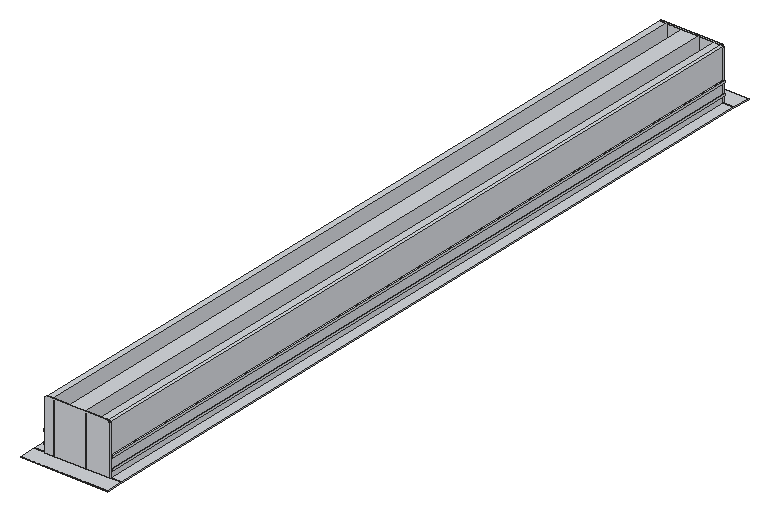
Revit family
Parameters
  URL = "http://www.anemostat.com/"
  Model = "SLAD-FS-100"
  Manufacturer = "Anemostat"
  Length  User Defined = 48"
  Duct Width = 4 5/16"
  Duct Length = Length  User Defined + 1/4"  # 48 1/4"
  C = 5 1/2"
Reference planes (in)
  plane 1 "Center (Front/Back)": y = 0
  plane 2: z = 0
  plane 3 "Center (Left/Right)": x = 0
  plane 4: x = -2.75
  plane 5: x = 2.75
  plane 6: y = -24
  plane 7 "Length": y = -48
  plane 8 "Face": z = -0.05
Forms (in)
  Extrusion 1, solid
    sketch origin (0, 0, 0) x (1, 0, 0) y (0, 0, 1)
      loop
        line (1.91328, 3.231) -> (-1.91328, 3.231) -> (-2.025, 3.11928) -> (-2.025, 1.27628) -> (-2.145, 1.27628) -> (-2.145, 1.16428) -> (-2.095, 1.16428) -> (-2.095, 1.22628) -> (-2.025, 1.22628) -> (-2.025, 0.47128) -> (-2.095, 0.47128) -> (-2.095, 0.53328) -> (-2.145, 0.53328) -> (-2.145, 0.42128) -> (-2.025, 0.42128) -> (-2.025, 0) -> (-2.75, 0) -> (-2.75, -0.05) -> (-1.50028, -0.05) -> (1.50028, -0.05) -> (2.75, -0.05) -> (2.75, 0) -> (2.025, 0) -> (2.025, 0.42128) -> (2.145, 0.42128) -> (2.145, 0.53328) -> (2.095, 0.53328) -> (2.095, 0.47128) -> (2.025, 0.47128) -> (2.025, 1.22628) -> (2.095, 1.22628) -> (2.095, 1.16428) -> (2.145, 1.16428) -> (2.145, 1.27628) -> (2.025, 1.27628) -> (2.025, 3.11928) -> (1.91328, 3.231)
    from 0 to 48 <- "Length  User Defined"
  Extrusion 2, solid
    sketch origin (0, 0, 0) x (1, 0, 0) y (0, 0, 1)
      loop
        line (-2.025, 0) -> (2.025, 0) -> (2.025, 3.11928) -> (1.91328, 3.231) -> (-1.91328, 3.231) -> (-2.025, 3.11928) -> (-2.025, 0)
    from 0 to -0.0625
  Extrusion 3, solid
    sketch origin (0, -48, 0) x (0, 0, 1) y (-1, 0, 0)
      loop
        line (0, -2.025) -> (3.11928, -2.025) -> (3.231, -1.91328) -> (3.231, 1.91328) -> (3.11928, 2.025) -> (0, 2.025) -> (0, -2.025)
    from 0 to 0.0625
  Extrusion 4, void
    sketch origin (0, 0, -0.05) x (-1, 0, 0) y (0, -1, 0)
      loop
        line (0.5, 0) -> (1.5, 0) -> (1.5, 48) -> (0.5, 48) -> (0.5, 0)
    from 0 to 3.28125
  Extrusion 5, void
    sketch origin (0, 0, -0.05) x (-1, 0, 0) y (0, -1, 0)
      loop
        line (-0.5, 0) -> (-0.5, 48) -> (-1.5, 48) -> (-1.5, 0) -> (-0.5, 0)
    from 0 to 3.28125
  Extrusion 6, solid
    sketch origin (0, 0, 0) x (1, 0, 0) y (0, 0, 1)
      loop
        line (-2.75, 0) -> (-2.75, -0.05) -> (2.75, -0.05) -> (2.75, 0) -> (-2.75, 0)
    from 0 to -1.10156
  Extrusion 7, solid
    sketch origin (0, -48, 0) x (0, 0, 1) y (-1, 0, 0)
      loop
        line (0, -2.75) -> (0, 2.75) -> (-0.05, 2.75) -> (-0.05, -2.75) -> (0, -2.75)
    from 0 to 1.10156
Cuts and joins
  Extrusion 4, Extrusion 5 cuts Extrusion 1
  Extrusion 4, Extrusion 5 cuts Extrusion 2
  Extrusion 4, Extrusion 5 cuts Extrusion 3
Dimensions and locks (in)
  equal spacing: plane 5, plane 3 "Center (Left/Right)", plane 4
  "C": plane 5 to plane 4
  equal spacing: plane 1 "Center (Front/Back)", plane 6, plane 7 "Length"
  "Length  User Defined": plane 1 "Center (Front/Back)" to plane 7 "Length"
Automatic sketch dimensions
  Extrusion 1 sketch curve to level = 0"  (x2)
  Extrusion 1 sketch curve to plane 4 = 0"
  Extrusion 1 sketch curve to plane 5 = 0"
  plane 4 to Extrusion 1 sketch curve = 0.605"  (x2)
  Extrusion 1 sketch curve to Extrusion 1 sketch curve = 0.05"  (x8)
  Extrusion 1 sketch curve to Extrusion 1 sketch curve = 0.07"  (x3)
  Extrusion 1 sketch curve to Extrusion 1 sketch curve = 0.12"
  plane 4 to Extrusion 1 sketch curve = 0.725"
  Extrusion 1 sketch curve to Extrusion 1 sketch curve = 0.11172"  (x3)
  Extrusion 1 sketch curve to Extrusion 1 sketch curve = 0.52472"  (x2)
  Extrusion 1 sketch curve to plane 5 = 1.24972"
  Extrusion 1 sketch curve to plane 5 = 0.83672"
  Extrusion 1 sketch curve to Extrusion 1 sketch curve = 0"
  Extrusion 1 sketch curve to level = 0.05"
  Extrusion 1 sketch curve to Extrusion 1 sketch curve = 0.42128"  (x2)
  Extrusion 1 sketch curve to Extrusion 1 sketch curve = 0.062"  (x4)
  Extrusion 1 sketch curve to Extrusion 1 sketch curve = 0.631"  (x2)
  Extrusion 1 sketch curve to Extrusion 1 sketch curve = 1.843"  (x2)
  plane 7 "Length" to Extrusion 4 sketch curve = 0"
  plane 1 "Center (Front/Back)" to Extrusion 4 sketch curve = 0"
  Extrusion 4 sketch curve to plane 3 "Center (Left/Right)" = 1/2"
  Extrusion 4 sketch curve to Extrusion 4 sketch curve = 1"
  plane 7 "Length" to Extrusion 5 sketch curve = 0"
  plane 1 "Center (Front/Back)" to Extrusion 5 sketch curve = 0"
  Extrusion 5 sketch curve to plane 5 = 1 1/4"
  plane 3 "Center (Left/Right)" to Extrusion 5 sketch curve = 1/2"
  Extrusion 6 sketch curve to plane 4 = 0"
  Extrusion 6 sketch curve to plane 5 = 0"
  Extrusion 6 sketch curve to plane 8 "Face" = 0"
  Extrusion 6 sketch curve to level = 0"
  Extrusion 7 sketch curve to plane 5 = 0"
  Extrusion 7 sketch curve to plane 8 "Face" = 0"
  Extrusion 7 sketch curve to level = 0"
  Extrusion 7 sketch curve to plane 4 = 0"
  Extrusion 3 sketch curve to level = 0"
  Extrusion 3 sketch curve to plane 5 = 0.725"
  level to Extrusion 3 sketch curve = 3.11928"  (x2)
  plane 4 to Extrusion 3 sketch curve = 0.725"
  Extrusion 3 sketch curve to plane 5 = 0.83672"
  Extrusion 3 sketch curve to Extrusion 3 sketch curve = 0.11172"  (x2)
  Extrusion 2 sketch curve to level = 0"
  plane 4 to Extrusion 2 sketch curve = 0.725"
  Extrusion 2 sketch curve to Extrusion 2 sketch curve = 0.11172"  (x2)
  Extrusion 2 sketch curve to plane 5 = 0.83672"
  Extrusion 2 sketch curve to plane 5 = 0.725"
  Extrusion 2 sketch curve to Extrusion 2 sketch curve = 3.11928"
  level to Extrusion 2 sketch curve = 3.11928"
Connectors (in)
  hvac at (0, -24, 3.231), driven by "Duct Length", driven by "Duct Width"
    settings: on Extrusion 1, index 1
